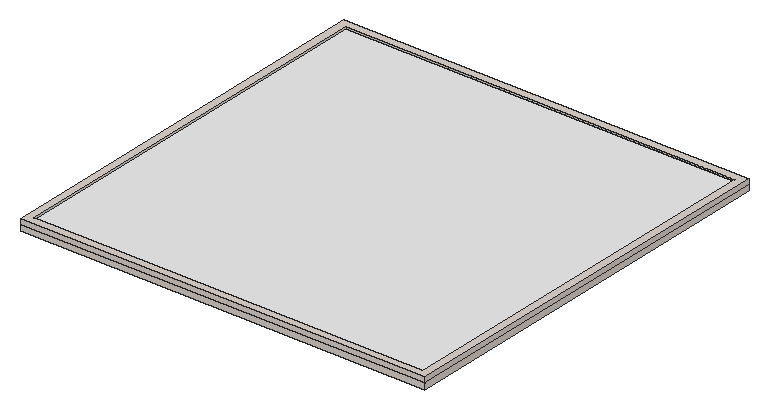
Revit family "SKY LED FLAT PANEL", category Lighting Fixtures, host Face, Revit 2020 (continued)
Types (13): name | Wattage | WATTS | built-in parameter 1150134 | Replaces/Equiv.(MH) | Photometric Web File | Order number | built-in parameter 1150142 | Model | built-in parameter 1150105 | Lumens | built-in parameter 1150107 | built-in parameter 1150106 | Fixture Width | Fixture Length | Default Elevation | Apparent Load
    2     1.89     1.95     2.01     2.07     2.13     2.19     2.26     \r\n 2.32     2.38     2.44     2.49     2.55     2.60     2.65     2.69     2.72     2.75     \r\n 2.78     2.79     2.81     2.82     2.84     2.85     2.85     2.85     2.85     2.85     \r\n 2.85     2.85     2.84     2.84     2.84     2.83     2.82     2.81     2.81     2.81     \r\n 2.80     2.80     2.80     2.80     2.80     2.82     2.85     2.89     2.93     2.94     \r\n 2.95     2.96     2.98     2.99     3.01     3.02     3.04     3.07     3.10     3.13     \r\n 3.16     3.19     3.21     3.24     3.28     3.32     3.35     3.38     3.42     3.45     \r\n 3.47     3.49     3.51     3.53     3.54     3.54     3.54     3.54     3.54     3.54     \r\n 3.15     \r\n1254.92  1254.43  1254.06  1254.47  1252.78  1249.96  1247.14  1244.74  1240.47  1237.57  \r\n 1234.44  1228.61  1225.01  1218.72  1213.92  1206.86  1201.71  1194.36  1185.77  1178.90  \r\n 1170.31  1161.99  1154.40  1145.03  1135.30  1125.63  1114.89  1103.35  1092.30  1081.09  \r\n 1068.51  1056.90  1044.27  1029.29  1016.43  1002.82  989.48   974.11   959.52   945.01   \r\n 929.85   913.67   896.79   880.69   864.15   846.93   829.56   811.52   793.46   775.40   \r\n 757.85   738.15   718.71   700.00   681.20   661.19   641.51   621.33   601.07   580.52   \r\n 559.84   539.32   517.88   496.71   475.79   454.77   433.42   412.22   391.20   369.25   \r\n 348.44   327.29   305.97   285.49   264.91   244.14   224.18   204.58   185.22   166.04   \r\n 147.72   129.40   111.63   94.50    77.68    61.99    46.49    31.71    17.01    4.87     \r\n 1.07     1.03     1.09     1.16     1.23     1.31     1.39     1.46     1.53     1.61     \r\n 1.67     1.75     1.81     1.88     1.95     2.01     2.07     2.13     2.19     2.25     \r\n 2.32     2.38     2.44     2.50     2.55     2.61     2.66     2.71     2.75     2.79     \r\n 2.81     2.84     2.85     2.87     2.88     2.89     2.89     2.90     2.90     2.90     \r\n 2.90     2.90     2.90     2.90     2.90     2.90     2.90     2.91     2.91     2.91     \r\n 2.92     2.92     2.92     2.92     2.93     2.95     2.99     3.03     3.08     3.09     \r\n 3.11     3.13     3.15     3.18     3.20     3.22     3.25     3.28     3.31     3.34     \r\n 3.38     3.41     3.44     3.47     3.50     3.52     3.53     3.55     3.54     3.54     \r\n 3.54     3.54     3.54     3.54     3.54     3.54     3.54     3.54     3.54     3.54     \r\n 3.15     \r\n1254.92  1254.15  1254.21  1254.65  1253.08  1250.41  1247.94  1243.36  1241.37  1238.23  \r\n 1234.49  1230.36  1224.38  1220.09  1213.98  1206.66  1201.81  1194.20  1187.35  1179.78  \r\n 1171.97  1163.46  1154.17  1146.47  1135.57  1125.67  1116.19  1104.80  1094.36  1081.72  \r\n 1070.10  1057.84  1045.51  1032.59  1019.92  1006.18  991.27   977.43   964.16   948.79   \r\n 933.75   918.83   902.00   885.40   870.26   853.15   835.03   818.42   800.66   783.14   \r\n 764.93   745.73   727.71   708.61   689.05   669.55   649.70   629.51   609.87   589.10   \r\n 568.07   548.02   526.92   505.08   484.41   463.00   442.03   420.89   399.56   377.92   \r\n 357.22   335.50   314.32   293.49   272.83   252.62   231.67   211.98   192.43   173.30   \r\n 154.68   136.07   118.21   100.60   83.97    67.70    52.17    36.83    21.90    8.27     \r\n 0.86     0.90     0.96     1.02     1.10     1.17     1.24     1.31     1.37     1.44     \r\n 1.51     1.58     1.64     1.71     1.77     1.84     1.89     1.95     2.00     2.06     \r\n 2.12     2.18     2.24     2.30     2.36     2.41     2.46     2.51     2.56     2.60     \r\n 2.63     2.66     2.68     2.70     2.72     2.74     2.76     2.77     2.79     2.81     \r\n 2.83     2.84     2.86     2.88     2.90     2.91     2.93     2.96     2.98     3.00     \r\n 3.02     3.03     3.06     3.09     3.11     3.14     3.16     3.19     3.22     3.25     \r\n 3.27     3.30     3.32     3.35     3.38     3.41     3.43     3.45     3.48     3.52     \r\n 3.56     3.56     3.57     3.58     3.59     3.60     3.61     3.62     3.61     3.62     \r\n 3.62     3.62     3.62     3.63     3.63     3.64     3.64     3.63     3.64     3.64     \r\n 3.15     \r\n1254.92  1255.00  1253.65  1251.85  1249.88  1248.69  1247.49  1245.97  1242.98  1239.05  \r\n 1234.05  1230.85  1226.80  1220.69  1214.85  1209.67  1203.22  1197.10  1189.79  1182.74  \r\n 1174.42  1166.91  1159.14  1150.27  1140.24  1130.45  1119.41  1109.69  1097.83  1086.35  \r\n 1076.10  1063.73  1051.01  1039.65  1026.48  1011.79  998.47   983.72   968.77   954.37   \r\n 939.69   923.85   907.70   891.99   875.91   858.83   840.95   824.29   806.07   787.84   \r\n 770.22   751.10   731.84   712.82   692.89   673.49   654.26   633.05   612.67   592.66   \r\n 571.10   550.42   528.92   507.26   486.52   465.74   444.04   422.43   401.05   379.34   \r\n 358.03   336.46   315.60   294.62   273.09   252.85   231.94   212.65   192.48   173.38   \r\n 154.17   135.87   117.68   100.33   83.17    67.43    51.70    36.65    21.47    8.01     \r\n 1.05     0.93     0.98     1.05     1.12     1.20     1.26     1.33     1.40     1.46     \r\n 1.53     1.60     1.66     1.73     1.78     1.85     1.90     1.96     2.02     2.08     \r\n 2.13     2.20     2.25     2.31     2.36     2.41     2.46     2.51     2.56     2.60     \r\n 2.62     2.64     2.66     2.68     2.70     2.72     2.73     2.74     2.75     2.76     \r\n 2.77     2.79     2.80     2.81     2.82     2.83     2.84     2.86     2.87     2.89     \r\n 2.90     2.91     2.93     2.95     2.97     2.99     3.01     3.04     3.07     3.10     \r\n 3.13     3.15     3.18     3.21     3.24     3.27     3.30     3.33     3.35     3.38     \r\n 3.42     3.45     3.48     3.52     3.54     3.56     3.57     3.58     3.58     3.58     \r\n 3.58     3.58     3.58     3.58     3.58     3.58     3.58     3.59     3.59     3.59     \r\n 3.15     \r\n1254.92  1254.70  1254.35  1252.69  1252.82  1250.70  1250.40  1248.34  1245.02  1239.79  \r\n 1238.23  1232.87  1230.05  1225.03  1219.54  1216.03  1209.45  1201.63  1196.59  1190.25  \r\n 1182.35  1173.68  1165.56  1157.04  1145.98  1138.71  1128.54  1118.64  1107.85  1096.15  \r\n 1084.43  1072.44  1061.01  1047.57  1035.10  1022.15  1009.12  995.15   980.58   965.00   \r\n 949.73   933.52   918.69   902.06   885.61   869.15   850.73   833.78   816.14   797.05   \r\n 778.61   759.97   740.48   721.54   701.22   681.88   661.19   641.17   619.65   599.10   \r\n 578.17   556.71   536.01   514.58   493.93   471.42   450.22   428.54   406.78   385.20   \r\n 364.30   342.53   320.78   299.82   278.62   258.31   236.95   217.56   197.24   177.78   \r\n 158.91   140.32   121.74   103.99   86.95    70.34    54.62    39.00    24.25    10.36    \r\n 1.21     0.99     1.01     1.08     1.15     1.22     1.29     1.35     1.41     1.48     \r\n 1.54     1.60     1.66     1.72     1.78     1.84     1.89     1.94     2.00     2.06     \r\n 2.12     2.18     2.23     2.29     2.34     2.39     2.44     2.48     2.53     2.55     \r\n 2.58     2.60     2.62     2.64     2.66     2.67     2.68     2.69     2.70     2.70     \r\n 2.71     2.72     2.72     2.73     2.73     2.73     2.74     2.75     2.75     2.76     \r\n 2.77     2.78     2.79     2.80     2.81     2.82     2.84     2.86     2.88     2.90     \r\n 2.93     2.95     2.97     3.00     3.03     3.05     3.08     3.12     3.15     3.19     \r\n 3.21     3.25     3.27     3.30     3.32     3.35     3.38     3.41     3.43     3.45     \r\n 3.47     3.47     3.49     3.50     3.50     3.50     3.50     3.50     3.51     3.51     \r\n 3.15     \r\n1254.92  1256.46  1256.41  1256.46  1254.46  1254.02  1253.45  1249.52  1249.17  1244.66  \r\n 1242.77  1237.96  1235.56  1231.39  1226.33  1221.93  1215.74  1209.10  1202.04  1194.70  \r\n 1187.56  1179.63  1173.61  1165.53  1156.24  1147.58  1137.97  1127.00  1117.67  1105.44  \r\n 1093.78  1082.67  1070.17  1057.24  1044.01  1029.47  1016.79  1001.22  987.59   971.67   \r\n 955.34   940.98   923.21   906.77   889.92   873.59   855.73   837.43   818.89   800.76   \r\n 781.66   762.52   743.55   723.58   703.34   684.41   664.47   642.67   623.28   602.11   \r\n 580.58   559.44   537.81   516.82   495.71   473.09   451.91   429.99   408.52   386.19   \r\n 365.02   343.21   321.66   300.49   279.15   258.28   237.50   217.47   197.07   177.85   \r\n 158.09   139.48   121.05   103.46   85.84    69.89    53.94    38.76    23.76    10.22    \r\n 1.36     1.05     1.05     1.12     1.19     1.26     1.32     1.38     1.44     1.49     \r\n 1.55     1.62     1.67     1.73     1.79     1.84     1.90     1.96     2.02     2.08     \r\n 2.13     2.18     2.24     2.29     2.34     2.39     2.43     2.46     2.49     2.52     \r\n 2.54     2.56     2.58     2.60     2.60     2.61     2.62     2.63     2.64     2.64     \r\n 2.64     2.65     2.65     2.65     2.65     2.64     2.64     2.65     2.65     2.66     \r\n 2.66     2.65     2.65     2.65     2.65     2.64     2.64     2.65     2.65     2.66     \r\n 2.67     2.69     2.70     2.73     2.74     2.77     2.79     2.83     2.85     2.87     \r\n 2.90     2.93     2.95     2.97     2.99     3.01     3.03     3.06     3.08     3.11     \r\n 3.14     3.17     3.19     3.22     3.24     3.26     3.29     3.30     3.32     3.34     \r\n 3.15     \r\n1254.92  1255.32  1256.05  1257.57  1256.87  1255.33  1253.72  1251.87  1251.36  1249.86  \r\n 1246.91  1243.91  1239.47  1234.78  1231.78  1226.30  1221.46  1216.14  1209.54  1201.96  \r\n 1195.97  1190.65  1182.09  1173.50  1165.31  1155.16  1145.90  1135.17  1124.72  1113.41  \r\n 1102.00  1089.98  1076.94  1064.14  1049.57  1036.47  1023.10  1008.47  992.39   978.60   \r\n 961.61   946.00   929.00   912.09   896.31   878.97   860.72   842.95   824.83   806.04   \r\n 787.52   768.54   749.45   729.46   710.19   689.17   670.10   649.40   628.97   607.83   \r\n 586.18   565.16   544.13   522.28   501.50   478.86   457.16   435.85   413.61   391.66   \r\n 370.86   348.73   326.81   305.64   283.61   262.99   241.97   221.79   201.66   181.85   \r\n 162.47   143.78   125.09   106.76   89.60    72.71    56.75    41.21    26.41    12.52    \r\n 2.36     1.09     1.07     1.14     1.20     1.26     1.32     1.37     1.43     1.49     \r\n 1.55     1.61     1.68     1.73     1.79     1.85     1.90     1.96     2.02     2.07     \r\n 2.12     2.18     2.23     2.28     2.33     2.36     2.39     2.42     2.45     2.47     \r\n 2.49     2.51     2.52     2.53     2.54     2.55     2.56     2.57     2.57     2.57     \r\n 2.57     2.57     2.55     2.53     2.51     2.49     2.47     2.46     2.46     2.46     \r\n 2.46     2.46     2.47     2.48     2.48     2.49     2.50     2.52     2.53     2.55     \r\n 2.57     2.60     2.62     2.65     2.67     2.70     2.73     2.76     2.78     2.80     \r\n 2.82     2.85     2.86     2.89     2.91     2.92     2.94     2.95     2.97     2.99     \r\n 3.01     3.03     3.05     3.09     3.11     3.13     3.16     3.18     3.20     3.21     \r\n 3.15     \r\n1254.92  1257.42  1256.63  1257.00  1258.44  1255.94  1256.01  1253.90  1252.75  1250.66  \r\n 1247.49  1244.48  1240.67  1239.23  1233.85  1230.89  1224.74  1219.18  1214.52  1206.75  \r\n 1201.50  1191.91  1183.10  1175.37  1165.98  1155.85  1147.65  1134.85  1125.48  1112.26  \r\n 1101.62  1088.21  1076.61  1062.22  1050.42  1035.10  1021.37  1007.74  991.62   976.84   \r\n 960.21   945.01   928.06   911.09   894.23   877.49   859.96   842.27   823.21   804.93   \r\n 786.98   767.00   748.46   728.91   708.16   688.67   668.48   647.05   627.44   606.25   \r\n 585.98   563.95   542.72   520.99   500.13   478.37   456.82   434.18   412.49   391.18   \r\n 368.72   347.55   324.96   303.94   282.65   261.78   240.65   220.44   200.36   180.50   \r\n 160.81   141.98   123.31   105.48   87.75    71.76    55.76    40.70    25.90    12.36    \r\n 2.34     1.09     1.09     1.15     1.21     1.26     1.32     1.38     1.44     1.51     \r\n 1.56     1.63     1.69     1.75     1.82     1.87     1.93     1.98     2.04     2.09     \r\n 2.15     2.20     2.23     2.28     2.31     2.34     2.37     2.40     2.42     2.44     \r\n 2.46     2.48     2.49     2.50     2.51     2.52     2.52     2.52     2.53     2.53     \r\n 2.53     2.53     2.53     2.52     2.51     2.50     2.49     2.47     2.46     2.45     \r\n 2.44     2.44     2.45     2.45     2.46     2.47     2.49     2.50     2.52     2.54     \r\n 2.56     2.58     2.61     2.64     2.66     2.68     2.71     2.73     2.76     2.78     \r\n 2.80     2.82     2.84     2.87     2.88     2.89     2.90     2.92     2.93     2.94     \r\n 2.95     2.97     2.98     3.00     3.03     3.05     3.07     3.09     3.11     3.14     \r\n 3.15     \r\n1254.92  1255.48  1256.61  1256.24  1255.87  1255.54  1254.69  1253.75  1251.82  1251.52  \r\n 1247.74  1246.37  1243.52  1239.81  1235.01  1231.17  1226.77  1220.64  1215.08  1209.74  \r\n 1201.48  1192.67  1185.92  1177.35  1167.77  1157.20  1146.59  1135.70  1124.90  1113.76  \r\n 1101.65  1089.97  1077.00  1064.36  1050.04  1036.90  1021.90  1007.10  991.80   976.74   \r\n 960.30   945.73   929.35   912.49   895.51   878.69   860.41   843.14   824.99   806.47   \r\n 788.03   768.27   749.45   729.58   710.13   690.25   669.66   648.92   629.49   608.06   \r\n 586.39   566.61   545.16   522.50   501.70   479.74   458.09   436.00   414.93   392.47   \r\n 371.53   349.31   327.46   306.43   285.50   264.29   243.17   222.79   202.34   183.05   \r\n 163.37   144.70   126.04   107.90   90.67    73.77    58.00    42.76    28.55    14.53    \r\n 3.94     1.05     1.07     1.13     1.19     1.24     1.31     1.37     1.44     1.50     \r\n 1.57     1.63     1.70     1.76     1.82     1.88     1.94     1.99     2.04     2.08     \r\n 2.13     2.18     2.22     2.25     2.29     2.32     2.35     2.38     2.40     2.42     \r\n 2.44     2.45     2.46     2.47     2.48     2.49     2.49     2.50     2.51     2.51     \r\n 2.51     2.51     2.51     2.51     2.51     2.51     2.50     2.50     2.49     2.48     \r\n 2.48     2.48     2.47     2.47     2.48     2.49     2.50     2.51     2.53     2.54     \r\n 2.56     2.58     2.60     2.62     2.64     2.66     2.68     2.70     2.72     2.75     \r\n 2.77     2.80     2.82     2.84     2.87     2.89     2.91     2.93     2.94     2.95     \r\n 2.97     2.98     2.99     3.00     3.01     3.02     3.03     3.05     3.06     3.08     \r\n 3.15     \r\n1254.92  1254.49  1255.12  1254.70  1255.10  1256.10  1256.18  1252.91  1253.03  1251.98  \r\n 1250.16  1245.85  1244.20  1239.97  1235.79  1230.78  1225.48  1220.51  1215.32  1208.05  \r\n 1201.80  1193.12  1184.73  1175.26  1166.76  1155.78  1145.62  1134.14  1123.91  1111.20  \r\n 1099.14  1086.69  1074.71  1061.91  1046.68  1034.33  1019.12  1003.39  989.49   972.71   \r\n 957.94   941.03   924.68   907.97   891.29   874.31   855.77   837.92   819.45   800.79   \r\n 782.74   763.84   744.47   724.30   705.27   684.65   664.93   644.13   624.43   602.84   \r\n 582.14   561.35   540.06   518.87   497.84   475.94   454.43   432.26   410.94   389.24   \r\n 367.79   346.39   324.52   303.14   281.78   261.36   240.12   219.97   199.88   180.61   \r\n 160.97   142.38   123.91   106.08   88.54    72.67    56.81    42.10    27.83    14.54    \r\n 3.75     1.00     1.05     1.11     1.18     1.25     1.32     1.38     1.45     1.52     \r\n 1.59     1.65     1.71     1.78     1.84     1.90     1.95     2.00     2.05     2.10     \r\n 2.14     2.18     2.22     2.25     2.29     2.31     2.34     2.37     2.39     2.41     \r\n 2.42     2.44     2.46     2.47     2.47     2.48     2.49     2.50     2.50     2.51     \r\n 2.51     2.51     2.50     2.49     2.49     2.48     2.49     2.49     2.50     2.51     \r\n 2.52     2.53     2.53     2.53     2.54     2.55     2.55     2.56     2.58     2.59     \r\n 2.61     2.62     2.64     2.66     2.67     2.69     2.71     2.73     2.75     2.77     \r\n 2.79     2.81     2.83     2.85     2.88     2.90     2.92     2.94     2.96     2.98     \r\n 3.00     3.02     3.03     3.04     3.05     3.05     3.06     3.06     3.07     3.08     \r\n 3.15     \r\n1254.92  1253.88  1255.27  1255.91  1256.88  1256.43  1254.03  1252.67  1253.39  1250.62  \r\n 1249.71 
